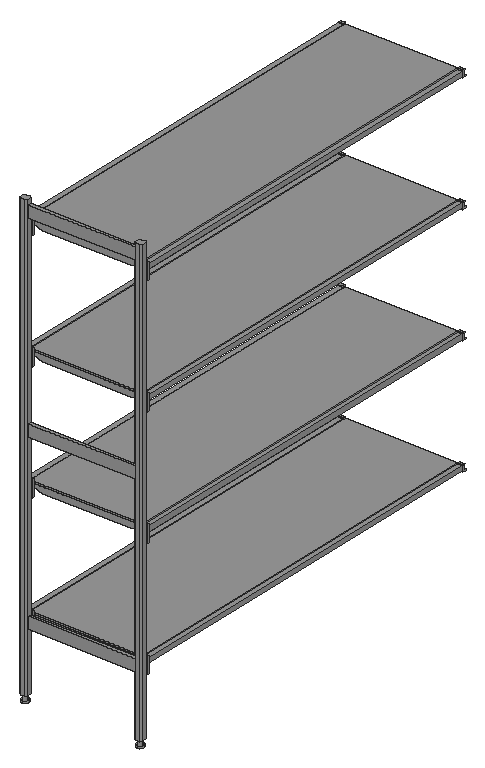
Revit family "QF_ZANUSSI_137078_CLS1537", category Attrezzature speciali, Revit 2020
Family settings
  Quota connettore circolare = Usa diametro
  Tipo di parte = Normale
  Basato su piano di lavoro = No
  Sempre verticale = Sì
  Taglio con vuoti quando caricato = No
  Condiviso = No
  Punto di calcolo locali = No
Parameters (values of type "Standard")
  Weight = 26.00 kg
  Watts = 0 W
  Volts = 0 V
  URL Manufacturer = "http://www.zanussiprofessional.com"
  URL = "http://www.zanussiprofessional.com"
  Steam Supply Size = 0 mm
  Steam Supply Minimum Pressure = 0.0 Pa
  Steam Supply Maximum Pressure = 0.0 Pa
  Steam Consumption per Hour = 0
  Refrigeration Suction Line Size = 0.0 mm
  Refrigeration Liquid Line Size = 0.0 mm
  Refrigerant Compressor Remote = yes
  Prospetto di default = 0.0 mm
  Phase = 0
  Modello = "CLS1537"
  Produttore = "Zanussi"
  Length Actual = 1541.0 mm  # constant formula
  Item Number = "137078"
  Hot Water Size = 0 mm
  Height Actual = 1700.0 mm  # constant formula
  HP = "0 HP"
  Gas Size = 0 mm
  Gas KW = 0
  Gas Input Pressure = 0 W
  Direct Waste Size = 0 mm
  Descrizione = "ALUM.CORNER SHELV.-POLY.TIERS-475X1541MM"
  Depth Actual = 475.0 mm  # constant formula
  Cycle = 0 Hz
  Condensate Return Size = 0 mm
  Compressed Air Volume = 0.0 L/s
  Compressed Air Size = 0 mm
  Compressed Air Pressure = 0.0 Pa
  Cold Water Size = 0 mm
  Accessory = yes
Reference planes
  plane 1: z = 0
  plane 2 "Center (F/B)": y = -163.5
  plane 3 "Front": y = -549.5
  plane 4 "Left": x = -217.5
  plane 5 "Right": x = 257.5
  plane 6 "TOP": z = 1700
  plane 7: y = -517.5
  plane 8: y = 987.5
  plane 9 "Center (Left/Right)": x = 20
  plane 10: y = 982.5
  plane 11: x = -186
  plane 12: x = 226
  plane 13 "FEET": z = 25
  plane 14: z = 275
  plane 15: z = 725
  plane 16: z = 1175
  plane 17: z = 1625
  plane 18 "CXLeft": y = -535.5
  plane 19: x = -200
  plane 20 "CYBack": x = -200
  plane 21 "CYFront": x = 138
  plane 22 "Back": y = 991.5
  plane 23 "LEFT_ORIGIN": x = -251.5
  plane 24 "BACK_Origin": y = 1466.5
Forms (mm)
  Extrusion 1, solid, material "QF_Aluminum"
    sketch origin (0, -549.5, 0) x (-1, 0, 0) y (0, 0, 1)
      loop
        line (198.5, 1650.994) -> (198.5, 1632.998) -> (217.5, 1632.998) -> (217.5, 1650.994) -> (198.5, 1650.994)
      loop
        line (-238.5, 1650.994) -> (-257.5, 1650.994) -> (-257.5, 1632.998) -> (-238.5, 1632.998) -> (-238.5, 1650.994)
      loop
        line (198.5, 1200.994) -> (198.5, 1182.998) -> (217.5, 1182.998) -> (217.5, 1200.994) -> (198.5, 1200.994)
      loop
        line (-238.522, 1200.994) -> (-257.5, 1200.994) -> (-257.5, 1182.998) -> (-238.522, 1182.998) -> (-238.522, 1200.994)
      loop
        line (198.5, 750.994) -> (198.5, 732.998) -> (217.5, 732.998) -> (217.5, 750.994) -> (198.5, 750.994)
      loop
        line (-238.522, 750.994) -> (-257.5, 750.994) -> (-257.5, 732.998) -> (-238.522, 732.998) -> (-238.522, 750.994)
      loop
        line (198.5, 300.994) -> (198.5, 282.998) -> (217.5, 282.998) -> (217.5, 300.994) -> (198.5, 300.994)
      loop
        line (-238.522, 300.994) -> (-257.5, 300.994) -> (-257.5, 282.998) -> (-238.522, 282.998) -> (-238.522, 300.994)
    from 32 to 1537
  Extrusion 2, solid, material "QF_Polyethylene"
    sketch origin (0, -549.5, 0) x (-1, 0, 0) y (0, 0, 1)
      loop
        line (196.507, 1650.994) -> (-236.522, 1650.994) -> (-236.522, 1644.496) -> (196.507, 1644.496) -> (196.507, 1650.994)
      loop
        line (196.507, 1200.994) -> (-236.522, 1200.994) -> (-236.522, 1194.496) -> (196.507, 1194.496) -> (196.507, 1200.994)
      loop
        line (196.507, 750.994) -> (-236.522, 750.994) -> (-236.522, 744.496) -> (196.507, 744.496) -> (196.507, 750.994)
      loop
        line (196.507, 300.994) -> (-236.522, 300.994) -> (-236.522, 294.496) -> (196.507, 294.496) -> (196.507, 300.994)
    from 32 to 1537
Lines and regions (mm)
  symbolic lines
    curve 1: line (-198.5, 987.5, 1700) -> (-198.5, -517.5, 1700)
    curve 2: line (-217.5, -521.5, 1700) -> (-217.5, 987.5, 1700)
    curve 3: line (257.5, -521.5, 1700) -> (257.5, 987.5, 1700)
    curve 4: line (-181.507, -517.5, 1700) -> (221.507, -517.5, 1700)
    curve 5: line (238.522, -517.5, 1700) -> (238.522, 987.5, 1700)
    curve 6: line (-198.5, 987.5, 1700) -> (238.522, 987.5, 1700)
Dimensions and locks
  plane 3 "Front" to plane 2 "Center (F/B)" = 386.0 mm
  locked: plane 6 "TOP" to level at 1700
  locked: plane 4 "Left" to plane 5 "Right" at 475
  locked: plane 7 to plane 8 at 1505
  locked: plane 3 "Front" to plane 7 at 32
  plane 10 to plane 8 = 5.0 mm
  locked: plane 11 to plane 12 at 412
  equal spacing: plane 11, plane 9 "Center (Left/Right)", plane 12
  equal spacing: plane 4 "Left", plane 9 "Center (Left/Right)", plane 5 "Right"
  plane 13 "FEET" to level = 25.0 mm
  plane 6 "TOP" to plane 13 "FEET" = 1675.0 mm
  plane 14 to plane 13 "FEET" = 250.0 mm
  plane 15 to plane 14 = 450.0 mm
  plane 16 to plane 15 = 450.0 mm
  plane 17 to plane 16 = 450.0 mm
  locked: plane 3 "Front" to plane 18 "CXLeft" at 14
  locked: plane 3 "Front" to plane 22 "Back" at 1541
  plane 23 "LEFT_ORIGIN" to plane 5 "Right" = 509.0 mm
  locked: plane 22 "Back" to plane 24 "BACK_Origin" at 475
  aligned and locked: level to plane 1
  aligned and locked: Extrusion 2 to plane 7
  aligned and locked: plane 8 to Extrusion 2
  aligned and locked: Extrusion 1 to plane 7
  aligned and locked: plane 8 to Extrusion 1
  aligned and locked: Extrusion 1 sketch curve to Extrusion 1 sketch curve  (x2)
  aligned and locked: plane 18 "CXLeft" to nested 1
  aligned and locked: nested 2 to plane 10
Automatic sketch dimensions
  curve 2 to plane 4 "Left" = 0.0 mm
  curve 3 to plane 5 "Right" = 0.0 mm
  plane 7 to curve 1 = 0.0 mm
  plane 7 to curve 4 = 0.0 mm
  plane 7 to curve 5 = 0.0 mm
  plane 8 to curve 2 = 0.0 mm
  plane 8 to curve 1 = 0.0 mm
  plane 8 to curve 3 = 0.0 mm
  curve 5 to plane 21 "CYFront" = 100.522 mm
  plane 19 to curve 6 = 1.5 mm
  plane 7 to curve 3 = 4.0 mm
  plane 7 to curve 2 = 4.0 mm
  plane 12 to curve 4 = 4.493 mm
  curve 4 to plane 11 = 4.493 mm
  plane 5 "Right" to Extrusion 1 sketch curve = 0.0 mm  (x4)
  plane 4 "Left" to Extrusion 1 sketch curve = 0.0 mm  (x4)
  Extrusion 1 sketch curve to plane 21 "CYFront" = 100.522 mm
  Extrusion 1 sketch curve to plane 21 "CYFront" = 100.5 mm
  plane 19 to Extrusion 1 sketch curve = 1.5 mm  (x4)
  plane 14 to Extrusion 1 sketch curve = 7.998 mm  (x2)
  Extrusion 1 sketch curve to Extrusion 1 sketch curve = 17.997 mm  (x8)
  plane 15 to Extrusion 1 sketch curve = 7.998 mm  (x2)
  plane 16 to Extrusion 1 sketch curve = 7.998 mm  (x2)
  plane 17 to Extrusion 1 sketch curve = 7.998 mm  (x2)
  Extrusion 2 sketch curve to plane 21 "CYFront" = 98.522 mm  (x4)
  plane 19 to Extrusion 2 sketch curve = 3.493 mm  (x4)
  plane 14 to Extrusion 2 sketch curve = 19.496 mm
  Extrusion 2 sketch curve to Extrusion 2 sketch curve = 6.499 mm  (x4)
  plane 15 to Extrusion 2 sketch curve = 19.496 mm
  plane 16 to Extrusion 2 sketch curve = 19.496 mm
  plane 17 to Extrusion 2 sketch curve = 19.496 mm
Nested families
  nested 1: "WT_Anta475" at (-194.5, -132.5, 0) x (0, 1, 0) z (0, 0, 1), type "WT_Anta475"
  nested 2: "WT_Aggancio475" at (-194.5, 1399.5, 0) x (0, 1, 0) z (0, 0, 1), type "WT_Aggancio475"
Definition of nested family "WT_Anta475"
  Parameters
    WidthLeft = A + 64.0 mm  # 772.0 mm
    Width = 1606.0 mm
    Right = WidthLeft / 2  # 386.0 mm
    Default Elevation = 0.0 mm
    Left = -WidthLeft / 2  # -386.0 mm
    Height = 1725.0 mm
    FEET = 25.0 mm
    E = 0.0 mm
    Dint = Depth - 63.0 mm  # 412.0 mm
    Dext = Depth - 8.0 mm  # 467.0 mm
    Depth = 475.0 mm
    DX = (WidthLeft - A) / 2  # 32.0 mm
    B = 798.0 mm
    A = 708.0 mm
  Reference planes
    plane 1: z = 0
    plane 2 "LEFT": x = -417
    plane 3 "BACK": y = 23
    plane 4 "FRONT": y = -452
    plane 5 "TOP": z = 1725
    plane 6 "Center (Front/Back)": y = -214.5
    plane 7: y = -8.5
    plane 8: y = -420.5
    plane 9 "FEET": z = 25
    plane 10: z = 275
    plane 11: z = 725
    plane 12: z = 1175
    plane 13: z = 1625
    plane 14 "CXLeft": x = -403
    plane 15: y = 5.5
    plane 16 "CYBack": y = 5.5
    plane 17 "CYFront": y = -434.5
    plane 18: x = -385.031
    plane 19: x = -380.031
  Forms (mm)
    Extrusion 1, solid
      sketch origin (0, 0, 0) x (1, 0, 0) y (0, 1, 0)
        loop
          line (-417, 13.246) -> (-417, -2.246) -> (-410.746, -8.5) -> (-395.254, -8.5) -> (-389, -2.246) -> (-389, 13.246) -> (-395.254, 19.5) -> (-410.746, 19.5) -> (-417, 13.246)
      from 1725 to 25
    Extrusion 2, solid
      sketch origin (-417, 0, 0) x (0, 1, 0) y (0, 0, 1)
        loop
          line (23, 246.005) -> (23, 307.993) -> (-12.993, 307.993) -> (-12.993, 246.005) -> (23, 246.005)
        loop
          line (-452, 246.005) -> (-416.007, 246.005) -> (-416.007, 307.993) -> (-452, 307.993) -> (-452, 246.005)
        loop
          line (23, 696.005) -> (23, 757.993) -> (-12.993, 757.993) -> (-12.993, 696.005) -> (23, 696.005)
        loop
          line (-452, 696.005) -> (-416.007, 696.005) -> (-416.007, 757.993) -> (-452, 757.993) -> (-452, 696.005)
        loop
          line (23, 1146.005) -> (23, 1207.993) -> (-12.993, 1207.993) -> (-12.993, 1146.005) -> (23, 1146.005)
        loop
          line (-452, 1146.005) -> (-416.007, 1146.005) -> (-416.007, 1207.993) -> (-452, 1207.993) -> (-452, 1146.005)
        loop
          line (23, 1596.005) -> (23, 1657.993) -> (-12.993, 1657.993) -> (-12.993, 1596.005) -> (23, 1596.005)
        loop
          line (-452, 1596.005) -> (-416.007, 1596.005) -> (-416.007, 1657.993) -> (-452, 1657.993) -> (-452, 1596.005)
      from 28 to 32
    Revolve 3, solid
      sketch origin (-403, 0, 0) x (0, 1, 0) y (0, 0, 1)
        loop
          line (5.5, 25) -> (5.5, 0) -> (19, 0) -> (19, 5) -> (14, 5) -> (14, 25) -> (5.5, 25)
        axis (5.5, 25) -> (5.5, 0)
      angle from 0 to 360
    Extrusion 4, solid
      sketch origin (-403, 0, 0) x (0, 1, 0) y (0, 0, 1)
        loop
          line (-8.5, 912.382) -> (-8.5, 957.374) -> (-420.5, 957.374) -> (-420.5, 912.382) -> (-8.5, 912.382)
        loop
          line (-8.5, 1662.244) -> (-8.5, 1707.236) -> (-420.5, 1707.236) -> (-420.5, 1662.244) -> (-8.5, 1662.244)
      from -5 to 5
    Revolve 5, solid
      sketch origin (-403, -627, 0) x (0, -1, 0) y (0, 0, 1)
        loop
          line (-192.5, 25) -> (-192.5, 0) -> (-179, 0) -> (-179, 5) -> (-184, 5) -> (-184, 25) -> (-192.5, 25)
        axis (-192.5, 25) -> (-192.5, 0)
      angle from 0 to 360
    Extrusion 6, solid
      sketch origin (0, -627, 0) x (1, 0, 0) y (0, 1, 0)
        loop
          line (-417, 184.754) -> (-410.746, 178.5) -> (-395.254, 178.5) -> (-389, 184.754) -> (-389, 200.246) -> (-395.254, 206.5) -> (-410.746, 206.5) -> (-417, 200.246) -> (-417, 184.754)
      from 1725 to 25
    Extrusion 7, solid
      sketch origin (-417.031, -0.022, 0) x (0, 1, 0) y (0, 0, -1)
        loop
          line (-12, -1632.998) -> (-46, -1620.994) -> (-383, -1620.994) -> (-417, -1632.998) -> (-433, -1632.998) -> (-433, -1650.994) -> (-431, -1650.994) -> (-431, -1644.496) -> (2.007, -1644.496) -> (2.007, -1650.994) -> (4, -1650.994) -> (4, -1632.998) -> (-12, -1632.998)
        loop
          line (-12, -1182.998) -> (-46, -1170.994) -> (-383, -1170.994) -> (-417, -1182.998) -> (-433, -1182.998) -> (-433, -1200.994) -> (-431, -1200.994) -> (-431, -1194.496) -> (2.007, -1194.496) -> (2.007, -1200.994) -> (4, -1200.994) -> (4, -1182.998) -> (-12, -1182.998)
        loop
          line (-12, -732.998) -> (-46, -720.994) -> (-383, -720.994) -> (-417, -732.998) -> (-433, -732.998) -> (-433, -750.994) -> (-431, -750.994) -> (-431, -744.496) -> (2.007, -744.496) -> (2.007, -750.994) -> (4, -750.994) -> (4, -732.998) -> (-12, -732.998)
        loop
          line (-12, -282.998) -> (-46, -270.994) -> (-383, -270.994) -> (-417, -282.998) -> (-433, -282.998) -> (-433, -300.994) -> (-431, -300.994) -> (-431, -294.496) -> (2.007, -294.496) -> (2.007, -300.994) -> (4, -300.994) -> (4, -282.998) -> (-12, -282.998)
      from -32 to -37
    Extrusion 8, solid
      sketch origin (-403, 0, -659.878) x (0, 1, 0) y (0, 0, 1)
        loop
          line (-8.5, 912.382) -> (-8.5, 957.374) -> (-420.5, 957.374) -> (-420.5, 912.382) -> (-8.5, 912.382)
        loop
          line (-8.5, 1572.382) -> (-8.5, 1617.374) -> (-420.5, 1617.374) -> (-420.5, 1572.382) -> (-8.5, 1572.382)
        loop
          line (-8.5, 2322.382) -> (-8.5, 2367.374) -> (-420.5, 2367.374) -> (-420.5, 2322.382) -> (-8.5, 2322.382)
      from -5 to 5
  Lines and regions (mm)
    symbolic lines
      curve 1: line (-408, -8.5, 1725) -> (-408, -420.5, 1725)
      curve 2: line (-398, -420.5, 1725) -> (-398, -8.5, 1725)
      curve 3: line (-395.254, -8.5, 1725) -> (-410.746, -8.5, 1725)
      curve 4: line (-417, -2.246, 1725) -> (-410.746, -8.5, 1725)
      curve 5: line (-417, 13.246, 1725) -> (-417, -2.246, 1725)
      curve 6: line (-410.746, 19.5, 1725) -> (-417, 13.246, 1725)
      curve 7: line (-395.254, 19.5, 1725) -> (-410.746, 19.5, 1725)
      curve 8: line (-389, 13.246, 1725) -> (-395.254, 19.5, 1725)
      curve 9: line (-395.254, -8.5, 1725) -> (-389, -2.246, 1725)
      curve 10: line (-395.254, -420.5, 1725) -> (-410.746, -420.5, 1725)
      curve 11: line (-417, -426.754, 1725) -> (-410.746, -420.5, 1725)
      curve 12: line (-410.746, -448.5, 1725) -> (-417, -442.246, 1725)
      curve 13: line (-395.254, -448.5, 1725) -> (-410.746, -448.5, 1725)
      curve 14: line (-389, -442.246, 1725) -> (-395.254, -448.5, 1725)
      curve 15: line (-395.254, -420.5, 1725) -> (-389, -426.754, 1725)
      curve 16: line (-389, -452, 1725) -> (-389, -416.007, 1725)
      curve 17: line (-389, -416.007, 1725) -> (-385, -416.007, 1725)
      curve 18: line (-389, 23, 1725) -> (-389, -12.993, 1725)
      curve 19: line (-389, -12.993, 1725) -> (-385, -12.993, 1725)
      curve 20: line (-417, -426.754, 1725) -> (-417, -442.246, 1725)
      curve 21: line (-385, -452, 1725) -> (-385, -416.007, 1725)
      curve 22: line (-385, -452, 1725) -> (-389, -452, 1725)
      curve 23: line (-385, 23, 1725) -> (-389, 23, 1725)
      curve 24: line (-385, -12.993, 1725) -> (-385, 23, 1725)
      curve 25: line (-385.031, -13.016, 1725) -> (-385.031, -416.029, 1725)
  Dimensions and locks
    "Height": plane 5 "TOP" to level
    "Depth": plane 3 "BACK" to plane 4 "FRONT"
    "Dint": plane 7 to plane 8
    equal spacing: plane 7, plane 6 "Center (Front/Back)", plane 8
    equal spacing: plane 3 "BACK", plane 6 "Center (Front/Back)", plane 4 "FRONT"
    plane 9 "FEET" to level = 25.0 mm
    plane 5 "TOP" to plane 9 "FEET" = 1700.0 mm
    plane 10 to plane 9 "FEET" = 250.0 mm
    plane 11 to plane 10 = 450.0 mm
    plane 12 to plane 11 = 450.0 mm
    plane 13 to plane 12 = 450.0 mm
    locked: plane 2 "LEFT" to plane 14 "CXLeft" at 14
    locked: plane 3 "BACK" to plane 16 "CYBack" at 17.5
    locked: plane 17 "CYFront" to plane 4 "FRONT" at 17.5
    locked: Revolve 3 sketch curve to Revolve 3 sketch curve at 8.5
    locked: Revolve 3 sketch curve to plane 16 "CYBack" at 13.5
    locked: Revolve 5 sketch curve to Revolve 5 sketch curve at 8.5
    aligned and locked: level to plane 1
    aligned and locked: curve 20 to Extrusion 6
    aligned and locked: plane 5 "TOP" to Extrusion 1
    aligned and locked: plane 5 "TOP" to Extrusion 6
    aligned and locked: Extrusion 7 sketch curve to Extrusion 7 sketch curve  (x3)
  Automatic sketch dimensions
    curve 16 to plane 4 "FRONT" = 0.0 mm
    curve 11 to plane 8 = 0.0 mm
    curve 9 to plane 7 = 0.0 mm
    curve 5 to plane 2 "LEFT" = 0.0 mm
    curve 23 to plane 3 "BACK" = 0.0 mm
    plane 4 "FRONT" to curve 13 = 3.5 mm
    curve 20 to plane 17 "CYFront" = 7.746 mm
    curve 20 to plane 8 = 6.254 mm
    plane 8 to curve 16 = 4.493 mm
    curve 24 to plane 18 = 0.031 mm
    curve 24 to plane 7 = 4.493 mm
    plane 7 to curve 5 = 6.254 mm
    curve 5 to plane 15 = 7.746 mm
    curve 6 to plane 3 "BACK" = 3.5 mm
    curve 21 to plane 18 = 0.031 mm
    plane 18 to curve 23 = 3.969 mm
    plane 18 to curve 16 = 3.969 mm
    curve 18 to curve 8 = 6.254 mm
    curve 18 to curve 3 = 6.254 mm
    curve 16 to curve 13 = 6.254 mm
    curve 16 to curve 15 = 6.254 mm
    plane 2 "LEFT" to curve 10 = 6.254 mm
    plane 2 "LEFT" to curve 7 = 6.254 mm
    plane 2 "LEFT" to curve 12 = 6.254 mm
    plane 2 "LEFT" to curve 3 = 6.254 mm
    curve 14 to plane 17 "CYFront" = 7.746 mm
    curve 15 to plane 8 = 6.254 mm
    plane 7 to curve 9 = 6.254 mm
    curve 8 to plane 15 = 7.746 mm
    curve 3 to curve 2 = 2.746 mm
    curve 1 to curve 10 = 2.746 mm
    Extrusion 1 sketch curve to plane 2 "LEFT" = 0.0 mm
    Extrusion 1 sketch curve to plane 7 = 0.0 mm
    plane 2 "LEFT" to Extrusion 1 sketch curve = 6.254 mm  (x2)
    plane 14 "CXLeft" to Extrusion 1 sketch curve = 7.746 mm  (x2)
    Extrusion 1 sketch curve to plane 3 "BACK" = 3.5 mm
    plane 18 to Extrusion 1 sketch curve = 3.969 mm
    plane 7 to Extrusion 1 sketch curve = 6.254 mm  (x2)
    Extrusion 1 sketch curve to plane 15 = 7.746 mm  (x2)
    Extrusion 2 sketch curve to plane 4 "FRONT" = 0.0 mm  (x4)
    Extrusion 2 sketch curve to plane 3 "BACK" = 0.0 mm  (x4)
    plane 8 to Extrusion 2 sketch curve = 4.493 mm  (x4)
    Extrusion 2 sketch curve to plane 7 = 4.493 mm  (x4)
    Extrusion 2 sketch curve to plane 10 = 28.995 mm  (x2)
    plane 10 to Extrusion 2 sketch curve = 32.993 mm  (x2)
    Extrusion 2 sketch curve to plane 11 = 28.995 mm  (x2)
    plane 11 to Extrusion 2 sketch curve = 32.993 mm  (x2)
    Extrusion 2 sketch curve to plane 12 = 28.995 mm  (x2)
    plane 12 to Extrusion 2 sketch curve = 32.993 mm  (x2)
    Extrusion 2 sketch curve to plane 13 = 28.995 mm  (x2)
    plane 13 to Extrusion 2 sketch curve = 32.993 mm  (x2)
    Revolve 3 sketch curve to plane 9 "FEET" = 0.0 mm  (x2)
    Revolve 3 sketch curve to plane 15 = 0.0 mm  (x2)
    Revolve 3 sketch curve to level = 0.0 mm
    level to Revolve 3 sketch curve = 5.0 mm
    Revolve 3 sketch curve to Revolve 3 sketch curve = 11.655 mm
    Extrusion 4 sketch curve to plane 8 = 0.0 mm  (x2)
    Extrusion 4 sketch curve to plane 7 = 0.0 mm  (x2)
    plane 11 to Extrusion 4 sketch curve = 187.382 mm
    Extrusion 4 sketch curve to Extrusion 4 sketch curve = 44.992 mm
    plane 13 to Extrusion 4 sketch curve = 37.244 mm
    Extrusion 4 sketch curve to plane 5 "TOP" = 17.764 mm
    Revolve 5 sketch curve to plane 9 "FEET" = 0.0 mm  (x2)
    Revolve 5 sketch curve to plane 17 "CYFront" = 0.0 mm  (x2)
    Revolve 5 sketch curve to level = 0.0 mm
    Revolve 5 sketch curve to plane 4 "FRONT" = 4.0 mm
    Revolve 5 sketch curve to Revolve 5 sketch curve = 5.0 mm
    level to Revolve 5 sketch curve = 11.655 mm
    Extrusion 6 sketch curve to plane 2 "LEFT" = 0.0 mm
    Extrusion 6 sketch curve to plane 8 = 0.0 mm
    Extrusion 6 sketch curve to plane 2 "LEFT" = 6.254 mm  (x2)
    Extrusion 6 sketch curve to plane 14 "CXLeft" = 7.746 mm  (x2)
    Extrusion 6 sketch curve to plane 4 "FRONT" = 3.5 mm
    Extrusion 6 sketch curve to plane 18 = 3.969 mm
    plane 8 to Extrusion 6 sketch curve = 6.254 mm  (x2)
    plane 17 "CYFront" to Extrusion 6 sketch curve = 7.746 mm  (x2)
    plane 17 "CYFront" to Extrusion 7 sketch curve = 1.478 mm  (x4)
    Extrusion 7 sketch curve to Extrusion 7 sketch curve = 2.0 mm
    plane 8 to Extrusion 7 sketch curve = 3.478 mm  (x4)
    Extrusion 7 sketch curve to plane 10 = 4.006 mm
    Extrusion 7 sketch curve to Extrusion 7 sketch curve = 34.0 mm  (x4)
    Extrusion 7 sketch curve to plane 11 = 4.006 mm
    Extrusion 7 sketch curve to plane 12 = 4.006 mm
    Extrusion 7 sketch curve to plane 13 = 4.006 mm
    Extrusion 7 sketch curve to plane 7 = 37.522 mm  (x4)
    Extrusion 7 sketch curve to plane 7 = 3.522 mm  (x4)
    plane 15 to Extrusion 7 sketch curve = 3.516 mm  (x4)
    plane 15 to Extrusion 7 sketch curve = 1.522 mm  (x4)
    plane 13 to Extrusion 7 sketch curve = 7.998 mm  (x2)
    Extrusion 7 sketch curve to Extrusion 7 sketch curve = 11.498 mm
    Extrusion 7 sketch curve to Extrusion 7 sketch curve = 6.499 mm  (x5)
    plane 12 to Extrusion 7 sketch curve = 25.994 mm  (x2)
    plane 12 to Extrusion 7 sketch curve = 7.998 mm  (x2)
    plane 11 to Extrusion 7 sketch curve = 25.994 mm  (x2)
    plane 11 to Extrusion 7 sketch curve = 7.998 mm  (x2)
    plane 10 to Extrusion 7 sketch curve = 25.994 mm  (x2)
    plane 10 to Extrusion 7 sketch curve = 7.998 mm  (x2)
    curve 25 to plane 18 = 0.0 mm
    plane 8 to curve 25 = 4.471 mm
    curve 25 to plane 7 = 4.516 mm
    Extrusion 8 sketch curve to plane 8 = 0.0 mm  (x3)
    Extrusion 8 sketch curve to plane 7 = 0.0 mm  (x3)
    Extrusion 8 sketch curve to plane 10 = 22.496 mm
    plane 10 to Extrusion 8 sketch curve = 22.496 mm
    plane 11 to Extrusion 8 sketch curve = 187.504 mm
    Extrusion 8 sketch curve to Extrusion 8 sketch curve = 44.992 mm
    plane 13 to Extrusion 8 sketch curve = 37.504 mm
    Extrusion 8 sketch curve to plane 5 "TOP" = 17.504 mm
Definition of nested family "WT_Aggancio475"
  Parameters
    WidthLeft = A + 64.0 mm  # 772.0 mm
    Width = 1606.0 mm
    Right = WidthLeft / 2  # 386.0 mm
    Default Elevation = 0.0 mm
    Left = -WidthLeft / 2  # -386.0 mm
    Height = 1725.0 mm
    FEET = 25.0 mm
    E = 0.0 mm
    Dint = Depth - 63.0 mm  # 412.0 mm
    Dext = Depth - 8.0 mm  # 467.0 mm
    Depth = 475.0 mm
    DX = (WidthLeft - A) / 2  # 32.0 mm
    B = 798.0 mm
    A = 708.0 mm
  Reference planes
    plane 1: z = 0
    plane 2 "LEFT": x = -417
    plane 3 "BACK": y = 23
    plane 4 "FRONT": y = -452
    plane 5 "TOP": z = 1725
    plane 6 "Center (Front/Back)": y = -214.5
    plane 7: y = -8.5
    plane 8: y = -420.5
    plane 9 "FEET": z = 25
    plane 10: z = 275
    plane 11: z = 725
    plane 12: z = 1175
    plane 13: z = 1625
    plane 14: y = 5.5
    plane 15 "CYBack": y = 5.5
    plane 16 "CYFront": y = -434.5
  Forms (mm)
    Extrusion 1, solid
      sketch origin (-380, -0.022, 0) x (0, 1, 0) y (0, 0, 1)
        loop
          line (-12, 1632.998) -> (4, 1632.998) -> (4, 1650.994) -> (2.007, 1650.994) -> (2.007, 1644.496) -> (-431, 1644.496) -> (-431, 1650.994) -> (-433, 1650.994) -> (-433, 1632.998) -> (-417, 1632.998) -> (-383, 1620.994) -> (-46, 1620.994) -> (-12, 1632.998)
        loop
          line (-12, 1182.998) -> (4, 1182.998) -> (4, 1200.994) -> (2.007, 1200.994) -> (2.007, 1194.496) -> (-431, 1194.496) -> (-431, 1200.994) -> (-433, 1200.994) -> (-433, 1182.998) -> (-417, 1182.998) -> (-383, 1170.994) -> (-46, 1170.994) -> (-12, 1182.998)
        loop
          line (-12, 732.998) -> (4, 732.998) -> (4, 750.994) -> (2.007, 750.994) -> (2.007, 744.496) -> (-431, 744.496) -> (-431, 750.994) -> (-433, 750.994) -> (-433, 732.998) -> (-417, 732.998) -> (-383, 720.994) -> (-46, 720.994) -> (-12, 732.998)
        loop
          line (-12, 282.998) -> (4, 282.998) -> (4, 300.994) -> (2.007, 300.994) -> (2.007, 294.496) -> (-431, 294.496) -> (-431, 300.994) -> (-433, 300.994) -> (-433, 282.998) -> (-417, 282.998) -> (-383, 270.994) -> (-46, 270.994) -> (-12, 282.998)
      from -32 to -37
    Extrusion 2, solid
      sketch origin (-793.062, -324.754, 6.5) x (1, 0, 0) y (0, 0, 1)
        loop
          line (385.062, 1644.496) -> (385.062, 1647.496) -> (376.062, 1647.496) -> (376.062, 1620.994) -> (390.031, 1620.994) -> (390.031, 1626.496) -> (381.062, 1626.496) -> (381.062, 1644.496) -> (385.062, 1644.496)
        loop
          line (385.062, 1194.496) -> (385.062, 1197.496) -> (376.062, 1197.496) -> (376.062, 1170.994) -> (390.031, 1170.994) -> (390.031, 1176.496) -> (381.062, 1176.496) -> (381.062, 1194.496) -> (385.062, 1194.496)
        loop
          line (385.062, 744.496) -> (385.062, 747.496) -> (376.062, 747.496) -> (376.062, 720.994) -> (390.031, 720.994) -> (390.031, 726.496) -> (381.062, 726.496) -> (381.062, 744.496) -> (385.062, 744.496)
        loop
          line (385.062, 294.496) -> (385.062, 297.496) -> (376.062, 297.496) -> (376.062, 270.994) -> (390.031, 270.994) -> (390.031, 276.496) -> (381.062, 276.496) -> (381.062, 294.496) -> (385.062, 294.496)
      from 108.268 to 127.246
    Extrusion 3, solid
      sketch origin (-793.062, 32.754, 6.5) x (1, 0, 0) y (0, 0, 1)
        loop
          line (385.062, 1644.496) -> (385.062, 1647.496) -> (376.062, 1647.496) -> (376.062, 1620.994) -> (390.031, 1620.994) -> (390.031, 1626.496) -> (381.062, 1626.496) -> (381.062, 1644.496) -> (385.062, 1644.496)
        loop
          line (385.062, 1194.496) -> (385.062, 1197.496) -> (376.062, 1197.496) -> (376.062, 1170.994) -> (390.031, 1170.994) -> (390.031, 1176.496) -> (381.062, 1176.496) -> (381.062, 1194.496) -> (385.062, 1194.496)
        loop
          line (385.062, 744.496) -> (385.062, 747.496) -> (376.062, 747.496) -> (376.062, 720.994) -> (390.031, 720.994) -> (390.031, 726.496) -> (381.062, 726.496) -> (381.062, 744.496) -> (385.062, 744.496)
        loop
          line (385.062, 294.496) -> (385.062, 297.496) -> (376.062, 297.496) -> (376.062, 270.994) -> (390.031, 270.994) -> (390.031, 276.496) -> (381.062, 276.496) -> (381.062, 294.496) -> (385.062, 294.496)
      from 9.754 to 28.776
  Lines and regions (mm)
    symbolic lines
      curve 1: line (-412, -452, 0) -> (-408, -452, 0)
      curve 2: line (-412, -433.022, 0) -> (-412, -452, 0)
      curve 3: line (-408, -433.022, 0) -> (-412, -433.022, 0)
      curve 4: line (-408, -452, 0) -> (-408, -433.022, 0)
      curve 5: line (-412, 3.978, 0) -> (-408, 3.978, 0)
      curve 6: line (-412, 23, 0) -> (-412, 3.978, 0)
      curve 7: line (-408, 23, 0) -> (-412, 23, 0)
      curve 8: line (-408, 3.978, 0) -> (-408, 23, 0)
  Dimensions and locks
    "Height": plane 5 "TOP" to level
    "Depth": plane 3 "BACK" to plane 4 "FRONT"
    "Dint": plane 7 to plane 8
    equal spacing: plane 7, plane 6 "Center (Front/Back)", plane 8
    equal spacing: plane 3 "BACK", plane 6 "Center (Front/Back)", plane 4 "FRONT"
    plane 9 "FEET" to level = 25.0 mm
    plane 5 "TOP" to plane 9 "FEET" = 1700.0 mm
    plane 10 to plane 9 "FEET" = 250.0 mm
    plane 11 to plane 10 = 450.0 mm
    plane 12 to plane 11 = 450.0 mm
    plane 13 to plane 12 = 450.0 mm
    locked: plane 3 "BACK" to plane 15 "CYBack" at 17.5
    locked: plane 16 "CYFront" to plane 4 "FRONT" at 17.5
    aligned and locked: level to plane 1
    aligned and locked: Extrusion 1 sketch curve to Extrusion 1 sketch curve  (x3)
  Automatic sketch dimensions
    plane 16 "CYFront" to Extrusion 1 sketch curve = 1.478 mm  (x4)
    Extrusion 1 sketch curve to Extrusion 1 sketch curve = 2.0 mm
    plane 8 to Extrusion 1 sketch curve = 3.478 mm  (x4)
    Extrusion 1 sketch curve to plane 10 = 4.006 mm
    Extrusion 1 sketch curve to Extrusion 1 sketch curve = 34.0 mm  (x4)
    Extrusion 1 sketch curve to plane 11 = 4.006 mm
    Extrusion 1 sketch curve to plane 12 = 4.006 mm
    Extrusion 1 sketch curve to plane 13 = 4.006 mm
    Extrusion 1 sketch curve to plane 7 = 37.522 mm  (x4)
    Extrusion 1 sketch curve to plane 7 = 3.522 mm  (x4)
    plane 14 to Extrusion 1 sketch curve = 3.516 mm  (x4)
    plane 14 to Extrusion 1 sketch curve = 1.522 mm  (x4)
    plane 10 to Extrusion 1 sketch curve = 7.998 mm  (x2)
    Extrusion 1 sketch curve to Extrusion 1 sketch curve = 11.498 mm  (x4)
    Extrusion 1 sketch curve to Extrusion 1 sketch curve = 6.499 mm  (x8)
    plane 11 to Extrusion 1 sketch curve = 7.998 mm  (x2)
    plane 12 to Extrusion 1 sketch curve = 7.998 mm  (x2)
    plane 13 to Extrusion 1 sketch curve = 7.998 mm  (x2)
    plane 2 "LEFT" to Extrusion 2 sketch curve = 0.0 mm  (x4)
    plane 13 to Extrusion 2 sketch curve = 7.996 mm
    plane 11 to Extrusion 2 sketch curve = 7.996 mm
    Extrusion 2 sketch curve to Extrusion 2 sketch curve = 5.0 mm  (x4)
    plane 11 to Extrusion 2 sketch curve = 2.494 mm
    plane 10 to Extrusion 2 sketch curve = 28.996 mm
    Extrusion 2 sketch curve to Extrusion 2 sketch curve = 3.0 mm  (x4)
    plane 10 to Extrusion 2 sketch curve = 7.996 mm
    plane 10 to Extrusion 2 sketch curve = 2.494 mm
    Extrusion 2 sketch curve to Extrusion 2 sketch curve = 18.0 mm  (x3)
    plane 12 to Extrusion 2 sketch curve = 2.494 mm
    plane 12 to Extrusion 2 sketch curve = 7.996 mm
    plane 13 to Extrusion 2 sketch curve = 2.494 mm
    plane 2 "LEFT" to Extrusion 3 sketch curve = 0.0 mm  (x4)
    plane 13 to Extrusion 3 sketch curve = 7.996 mm
    plane 11 to Extrusion 3 sketch curve = 7.996 mm
    Extrusion 3 sketch curve to Extrusion 3 sketch curve = 5.0 mm  (x4)
    plane 11 to Extrusion 3 sketch curve = 2.494 mm
    plane 10 to Extrusion 3 sketch curve = 28.996 mm
    Extrusion 3 sketch curve to Extrusion 3 sketch curve = 3.0 mm  (x4)
    plane 10 to Extrusion 3 sketch curve = 7.996 mm
    plane 10 to Extrusion 3 sketch curve = 2.494 mm
    Extrusion 3 sketch curve to Extrusion 3 sketch curve = 18.0 mm  (x3)
    plane 12 to Extrusion 3 sketch curve = 2.494 mm
    plane 12 to Extrusion 3 sketch curve = 7.996 mm
    plane 13 to Extrusion 3 sketch curve = 2.494 mm
    plane 2 "LEFT" to curve 1 = 5.0 mm
    plane 2 "LEFT" to curve 7 = 5.0 mm
    curve 1 to plane 16 "CYFront" = 17.5 mm
    curve 3 to plane 8 = 12.522 mm
    plane 7 to curve 5 = 12.478 mm
    curve 7 to plane 14 = 17.5 mm
    curve 5 to curve 5 = 4.0 mm
    curve 1 to curve 4 = 4.0 mm
    Extrusion 2 sketch curve to Extrusion 2 sketch curve = 4.0 mm  (x4)
    Extrusion 2 sketch curve to Extrusion 2 sketch curve = 8.969 mm  (x4)
    Extrusion 3 sketch curve to Extrusion 3 sketch curve = 4.0 mm  (x4)
    Extrusion 3 sketch curve to Extrusion 3 sketch curve = 8.969 mm  (x4)
